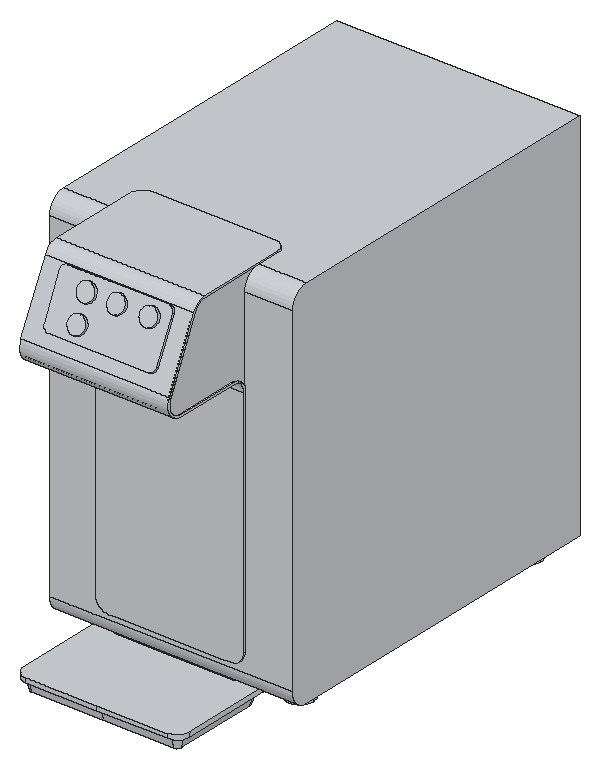
Revit family "DSBSH130UVPC", category Plumbing Fixtures, Revit 2019 (continued)
Lines and regions (in)
  model lines
    curve 425: line (-1.30412, -6.63592, 0.68045) -> (-1.24162, -6.63592, 0.68045)
    curve 426: line (-1.17912, -6.69842, 0.68045) -> (-1.17912, -7.44842, 0.68045)
    curve 427: arc (-1.24162, -6.63592, 0.68045) -> (-1.19743, -6.65423, 0.68045) -> (-1.17912, -6.69842, 0.68045) r 0.0625
    curve 428: arc (-1.30412, -6.63592, 0.68045) -> (-1.34832, -6.65423, 0.68045) -> (-1.36662, -6.69842, 0.68045) r 0.0625
    curve 429: arc (-1.36662, -7.44842, 0.68045) -> (-1.34832, -7.49261, 0.68045) -> (-1.30412, -7.51092, 0.68045) r 0.0625
    curve 430: arc (-1.24162, -7.51092, 0.68045) -> (-1.19743, -7.49261, 0.68045) -> (-1.17912, -7.44842, 0.68045) r 0.0625
    curve 431: line (-1.62234, -7.51092, 0.68045) -> (-1.55984, -7.51092, 0.68045)
    curve 432: line (-1.68484, -7.44842, 0.68045) -> (-1.68484, -6.69842, 0.68045)
    curve 433: line (-1.62234, -6.63592, 0.68045) -> (-1.55984, -6.63592, 0.68045)
    curve 434: line (-1.49734, -6.69842, 0.68045) -> (-1.49734, -7.44842, 0.68045)
    curve 435: arc (-1.55984, -6.63592, 0.68045) -> (-1.51565, -6.65423, 0.68045) -> (-1.49734, -6.69842, 0.68045) r 0.0625
    curve 436: arc (-1.62234, -6.63592, 0.68045) -> (-1.66654, -6.65423, 0.68045) -> (-1.68484, -6.69842, 0.68045) r 0.0625
    curve 437: arc (-1.68484, -7.44842, 0.68045) -> (-1.66654, -7.49261, 0.68045) -> (-1.62234, -7.51092, 0.68045) r 0.0625
    curve 438: arc (-1.55984, -7.51092, 0.68045) -> (-1.51565, -7.49261, 0.68045) -> (-1.49734, -7.44842, 0.68045) r 0.0625
    curve 439: line (0.34947, -7.51092, 0.68045) -> (0.28697, -7.51092, 0.68045)
    curve 440: line (0.41197, -7.44842, 0.68045) -> (0.41197, -6.69842, 0.68045)
    curve 441: line (0.34947, -6.63592, 0.68045) -> (0.28697, -6.63592, 0.68045)
    curve 442: line (0.22447, -6.69842, 0.68045) -> (0.22447, -7.44842, 0.68045)
    curve 443: arc (0.28697, -6.63592, 0.68045) -> (0.24277, -6.65423, 0.68045) -> (0.22447, -6.69842, 0.68045) r 0.0625
    curve 444: arc (0.34947, -6.63592, 0.68045) -> (0.39366, -6.65423, 0.68045) -> (0.41197, -6.69842, 0.68045) r 0.0625
    curve 445: arc (0.41197, -7.44842, 0.68045) -> (0.39366, -7.49261, 0.68045) -> (0.34947, -7.51092, 0.68045) r 0.0625
    curve 446: arc (0.28697, -7.51092, 0.68045) -> (0.24277, -7.49261, 0.68045) -> (0.22447, -7.44842, 0.68045) r 0.0625
    curve 447: line (0.66769, -7.51092, 0.68045) -> (0.60519, -7.51092, 0.68045)
    curve 448: line (0.73019, -7.44842, 0.68045) -> (0.73019, -6.69842, 0.68045)
    curve 449: line (0.66769, -6.63592, 0.68045) -> (0.60519, -6.63592, 0.68045)
    curve 450: line (0.54269, -6.69842, 0.68045) -> (0.54269, -7.44842, 0.68045)
    curve 451: arc (0.60519, -6.63592, 0.68045) -> (0.56099, -6.65423, 0.68045) -> (0.54269, -6.69842, 0.68045) r 0.0625
    curve 452: arc (0.66769, -6.63592, 0.68045) -> (0.71188, -6.65423, 0.68045) -> (0.73019, -6.69842, 0.68045) r 0.0625
    curve 453: arc (0.73019, -7.44842, 0.68045) -> (0.71188, -7.49261, 0.68045) -> (0.66769, -7.51092, 0.68045) r 0.0625
    curve 454: arc (0.60519, -7.51092, 0.68045) -> (0.56099, -7.49261, 0.68045) -> (0.54269, -7.44842, 0.68045) r 0.0625
    curve 455: line (0.9859, -7.51092, 0.68045) -> (0.9234, -7.51092, 0.68045)
    curve 456: line (1.0484, -7.44842, 0.68045) -> (1.0484, -6.69842, 0.68045)
    curve 457: line (0.9859, -6.63592, 0.68045) -> (0.9234, -6.63592, 0.68045)
    curve 458: line (0.8609, -6.69842, 0.68045) -> (0.8609, -7.44842, 0.68045)
    curve 459: arc (0.9234, -6.63592, 0.68045) -> (0.87921, -6.65423, 0.68045) -> (0.8609, -6.69842, 0.68045) r 0.0625
    curve 460: arc (0.9859, -6.63592, 0.68045) -> (1.0301, -6.65423, 0.68045) -> (1.0484, -6.69842, 0.68045) r 0.0625
    curve 461: arc (1.0484, -7.44842, 0.68045) -> (1.0301, -7.49261, 0.68045) -> (0.9859, -7.51092, 0.68045) r 0.0625
    curve 462: arc (0.9234, -7.51092, 0.68045) -> (0.87921, -7.49261, 0.68045) -> (0.8609, -7.44842, 0.68045) r 0.0625
    curve 463: line (1.30412, -7.51092, 0.68045) -> (1.24162, -7.51092, 0.68045)
    curve 464: line (1.36662, -7.44842, 0.68045) -> (1.36662, -6.69842, 0.68045)
    curve 465: line (1.30412, -6.63592, 0.68045) -> (1.24162, -6.63592, 0.68045)
    curve 466: line (1.17912, -6.69842, 0.68045) -> (1.17912, -7.44842, 0.68045)
    curve 467: arc (1.24162, -6.63592, 0.68045) -> (1.19743, -6.65423, 0.68045) -> (1.17912, -6.69842, 0.68045) r 0.0625
    curve 468: arc (1.30412, -6.63592, 0.68045) -> (1.34832, -6.65423, 0.68045) -> (1.36662, -6.69842, 0.68045) r 0.0625
    curve 469: arc (1.36662, -7.44842, 0.68045) -> (1.34832, -7.49261, 0.68045) -> (1.30412, -7.51092, 0.68045) r 0.0625
    curve 470: arc (1.24162, -7.51092, 0.68045) -> (1.19743, -7.49261, 0.68045) -> (1.17912, -7.44842, 0.68045) r 0.0625
    curve 471: line (1.62234, -7.51092, 0.68045) -> (1.55984, -7.51092, 0.68045)
    curve 472: line (1.68484, -7.44842, 0.68045) -> (1.68484, -6.69842, 0.68045)
    curve 473: line (1.62234, -6.63592, 0.68045) -> (1.55984, -6.63592, 0.68045)
    curve 474: line (1.49734, -6.69842, 0.68045) -> (1.49734, -7.44842, 0.68045)
    curve 475: arc (1.55984, -6.63592, 0.68045) -> (1.51565, -6.65423, 0.68045) -> (1.49734, -6.69842, 0.68045) r 0.0625
    curve 476: arc (1.62234, -6.63592, 0.68045) -> (1.66654, -6.65423, 0.68045) -> (1.68484, -6.69842, 0.68045) r 0.0625
    curve 477: arc (1.68484, -7.44842, 0.68045) -> (1.66654, -7.49261, 0.68045) -> (1.62234, -7.51092, 0.68045) r 0.0625
    curve 478: arc (1.55984, -7.51092, 0.68045) -> (1.51565, -7.49261, 0.68045) -> (1.49734, -7.44842, 0.68045) r 0.0625
    curve 479: line (-0.34947, -6.44842, 0.68045) -> (0.34947, -6.44842, 0.68045)
    curve 480: line (-0.41197, -6.38592, 0.68045) -> (-0.41197, -5.63592, 0.68045)
    curve 481: line (-0.34947, -5.57342, 0.68045) -> (0.34947, -5.57342, 0.68045)
    curve 482: arc (-0.34947, -5.57342, 0.68045) -> (-0.39366, -5.59173, 0.68045) -> (-0.41197, -5.63592, 0.68045) r 0.0625
    curve 483: arc (-0.41197, -6.38592, 0.68045) -> (-0.39366, -6.43011, 0.68045) -> (-0.34947, -6.44842, 0.68045) r 0.0625
    curve 484: line (-0.66769, -6.44842, 0.68045) -> (-0.60519, -6.44842, 0.68045)
    curve 485: line (-0.73019, -6.38592, 0.68045) -> (-0.73019, -5.63592, 0.68045)
    curve 486: line (-0.66769, -5.57342, 0.68045) -> (-0.60519, -5.57342, 0.68045)
    curve 487: line (-0.54269, -5.63592, 0.68045) -> (-0.54269, -6.38592, 0.68045)
    curve 488: arc (-0.60519, -5.57342, 0.68045) -> (-0.56099, -5.59173, 0.68045) -> (-0.54269, -5.63592, 0.68045) r 0.0625
    curve 489: arc (-0.66769, -5.57342, 0.68045) -> (-0.71188, -5.59173, 0.68045) -> (-0.73019, -5.63592, 0.68045) r 0.0625
    curve 490: arc (-0.73019, -6.38592, 0.68045) -> (-0.71188, -6.43011, 0.68045) -> (-0.66769, -6.44842, 0.68045) r 0.0625
    curve 491: arc (-0.60519, -6.44842, 0.68045) -> (-0.56099, -6.43011, 0.68045) -> (-0.54269, -6.38592, 0.68045) r 0.0625
    curve 492: line (-0.9859, -6.44842, 0.68045) -> (-0.9234, -6.44842, 0.68045)
    curve 493: line (-1.0484, -6.38592, 0.68045) -> (-1.0484, -5.63592, 0.68045)
    curve 494: line (-0.9859, -5.57342, 0.68045) -> (-0.9234, -5.57342, 0.68045)
    curve 495: line (-0.8609, -5.63592, 0.68045) -> (-0.8609, -6.38592, 0.68045)
    curve 496: arc (-0.9234, -5.57342, 0.68045) -> (-0.87921, -5.59173, 0.68045) -> (-0.8609, -5.63592, 0.68045) r 0.0625
    curve 497: arc (-0.9859, -5.57342, 0.68045) -> (-1.0301, -5.59173, 0.68045) -> (-1.0484, -5.63592, 0.68045) r 0.0625
    curve 498: arc (-1.0484, -6.38592, 0.68045) -> (-1.0301, -6.43011, 0.68045) -> (-0.9859, -6.44842, 0.68045) r 0.0625
    curve 499: arc (-0.9234, -6.44842, 0.68045) -> (-0.87921, -6.43011, 0.68045) -> (-0.8609, -6.38592, 0.68045) r 0.0625
    curve 500: line (-1.30412, -6.44842, 0.68045) -> (-1.24162, -6.44842, 0.68045)
    curve 501: line (-1.36662, -6.38592, 0.68045) -> (-1.36662, -5.63592, 0.68045)
    curve 502: line (-1.30412, -5.57342, 0.68045) -> (-1.24162, -5.57342, 0.68045)
    curve 503: line (-1.17912, -5.63592, 0.68045) -> (-1.17912, -6.38592, 0.68045)
    curve 504: arc (-1.24162, -5.57342, 0.68045) -> (-1.19743, -5.59173, 0.68045) -> (-1.17912, -5.63592, 0.68045) r 0.0625
    curve 505: arc (-1.30412, -5.57342, 0.68045) -> (-1.34832, -5.59173, 0.68045) -> (-1.36662, -5.63592, 0.68045) r 0.0625
    curve 506: arc (-1.36662, -6.38592, 0.68045) -> (-1.34832, -6.43011, 0.68045) -> (-1.30412, -6.44842, 0.68045) r 0.0625
    curve 507: arc (-1.24162, -6.44842, 0.68045) -> (-1.19743, -6.43011, 0.68045) -> (-1.17912, -6.38592, 0.68045) r 0.0625
    curve 508: line (-1.62234, -6.44842, 0.68045) -> (-1.55984, -6.44842, 0.68045)
    curve 509: line (-1.68484, -6.38592, 0.68045) -> (-1.68484, -5.63592, 0.68045)
    curve 510: line (-1.62234, -5.57342, 0.68045) -> (-1.55984, -5.57342, 0.68045)
    curve 511: line (-1.49734, -5.63592, 0.68045) -> (-1.49734, -6.38592, 0.68045)
    curve 512: arc (-1.55984, -5.57342, 0.68045) -> (-1.51565, -5.59173, 0.68045) -> (-1.49734, -5.63592, 0.68045) r 0.0625
    curve 513: arc (-1.62234, -5.57342, 0.68045) -> (-1.66654, -5.59173, 0.68045) -> (-1.68484, -5.63592, 0.68045) r 0.0625
    curve 514: arc (-1.68484, -6.38592, 0.68045) -> (-1.66654, -6.43011, 0.68045) -> (-1.62234, -6.44842, 0.68045) r 0.0625
    curve 515: arc (-1.55984, -6.44842, 0.68045) -> (-1.51565, -6.43011, 0.68045) -> (-1.49734, -6.38592, 0.68045) r 0.0625
    curve 516: line (0.41197, -6.38592, 0.68045) -> (0.41197, -5.63592, 0.68045)
    curve 517: arc (0.34947, -5.57342, 0.68045) -> (0.39366, -5.59173, 0.68045) -> (0.41197, -5.63592, 0.68045) r 0.0625
    curve 518: arc (0.41197, -6.38592, 0.68045) -> (0.39366, -6.43011, 0.68045) -> (0.34947, -6.44842, 0.68045) r 0.0625
    curve 519: line (0.66769, -6.44842, 0.68045) -> (0.60519, -6.44842, 0.68045)
    curve 520: line (0.73019, -6.38592, 0.68045) -> (0.73019, -5.63592, 0.68045)
    curve 521: line (0.66769, -5.57342, 0.68045) -> (0.60519, -5.57342, 0.68045)
    curve 522: line (0.54269, -5.63592, 0.68045) -> (0.54269, -6.38592, 0.68045)
    curve 523: arc (0.60519, -5.57342, 0.68045) -> (0.56099, -5.59173, 0.68045) -> (0.54269, -5.63592, 0.68045) r 0.0625
    curve 524: arc (0.66769, -5.57342, 0.68045) -> (0.71188, -5.59173, 0.68045) -> (0.73019, -5.63592, 0.68045) r 0.0625
    curve 525: arc (0.73019, -6.38592, 0.68045) -> (0.71188, -6.43011, 0.68045) -> (0.66769, -6.44842, 0.68045) r 0.0625
    curve 526: arc (0.60519, -6.44842, 0.68045) -> (0.56099, -6.43011, 0.68045) -> (0.54269, -6.38592, 0.68045) r 0.0625
    curve 527: line (0.9859, -6.44842, 0.68045) -> (0.9234, -6.44842, 0.68045)
    curve 528: line (1.0484, -6.38592, 0.68045) -> (1.0484, -5.63592, 0.68045)
    curve 529: line (0.9859, -5.57342, 0.68045) -> (0.9234, -5.57342, 0.68045)
    curve 530: line (0.8609, -5.63592, 0.68045) -> (0.8609, -6.38592, 0.68045)
    curve 531: arc (0.9234, -5.57342, 0.68045) -> (0.87921, -5.59173, 0.68045) -> (0.8609, -5.63592, 0.68045) r 0.0625
    curve 532: arc (0.9859, -5.57342, 0.68045) -> (1.0301, -5.59173, 0.68045) -> (1.0484, -5.63592, 0.68045) r 0.0625
    curve 533: arc (1.0484, -6.38592, 0.68045) -> (1.0301, -6.43011, 0.68045) -> (0.9859, -6.44842, 0.68045) r 0.0625
    curve 534: arc (0.9234, -6.44842, 0.68045) -> (0.87921, -6.43011, 0.68045) -> (0.8609, -6.38592, 0.68045) r 0.0625
    curve 535: line (1.30412, -6.44842, 0.68045) -> (1.24162, -6.44842, 0.68045)
    curve 536: line (1.36662, -6.38592, 0.68045) -> (1.36662, -5.63592, 0.68045)
    curve 537: line (1.30412, -5.57342, 0.68045) -> (1.24162, -5.57342, 0.68045)
    curve 538: line (1.17912, -5.63592, 0.68045) -> (1.17912, -6.38592, 0.68045)
    curve 539: arc (1.24162, -5.57342, 0.68045) -> (1.19743, -5.59173, 0.68045) -> (1.17912, -5.63592, 0.68045) r 0.0625
    curve 540: arc (1.30412, -5.57342, 0.68045) -> (1.34832, -5.59173, 0.68045) -> (1.36662, -5.63592, 0.68045) r 0.0625
    curve 541: arc (1.36662, -6.38592, 0.68045) -> (1.34832, -6.43011, 0.68045) -> (1.30412, -6.44842, 0.68045) r 0.0625
    curve 542: arc (1.24162, -6.44842, 0.68045) -> (1.19743, -6.43011, 0.68045) -> (1.17912, -6.38592, 0.68045) r 0.0625
    curve 543: line (1.62234, -6.44842, 0.68045) -> (1.55984, -6.44842, 0.68045)
    curve 544: line (1.68484, -6.38592, 0.68045) -> (1.68484, -5.63592, 0.68045)
    curve 545: line (1.62234, -5.57342, 0.68045) -> (1.55984, -5.57342, 0.68045)
    curve 546: line (1.49734, -5.63592, 0.68045) -> (1.49734, -6.38592, 0.68045)
    curve 547: arc (1.55984, -5.57342, 0.68045) -> (1.51565, -5.59173, 0.68045) -> (1.49734, -5.63592, 0.68045) r 0.0625
    curve 548: arc (1.62234, -5.57342, 0.68045) -> (1.66654, -5.59173, 0.68045) -> (1.68484, -5.63592, 0.68045) r 0.0625
    curve 549: arc (1.68484, -6.38592, 0.68045) -> (1.66654, -6.43011, 0.68045) -> (1.62234, -6.44842, 0.68045) r 0.0625
    curve 550: arc (1.55984, -6.44842, 0.68045) -> (1.51565, -6.43011, 0.68045) -> (1.49734, -6.38592, 0.68045) r 0.0625
    curve 551: line (-0.03125, -5.38592, 0.68045) -> (0.03125, -5.38592, 0.68045)
    curve 552: line (-0.09375, -5.32342, 0.68045) -> (-0.09375, -4.57342, 0.68045)
    curve 553: line (-0.03125, -4.51092, 0.68045) -> (0.03125, -4.51092, 0.68045)
    curve 554: line (0.09375, -4.57342, 0.68045) -> (0.09375, -5.32342, 0.68045)
    curve 555: arc (0.03125, -4.51092, 0.68045) -> (0.07544, -4.52923, 0.68045) -> (0.09375, -4.57342, 0.68045) r 0.0625
    curve 556: arc (-0.03125, -4.51092, 0.68045) -> (-0.07544, -4.52923, 0.68045) -> (-0.09375, -4.57342, 0.68045) r 0.0625
    curve 557: arc (-0.09375, -5.32342, 0.68045) -> (-0.07544, -5.36761, 0.68045) -> (-0.03125, -5.38592, 0.68045) r 0.0625
    curve 558: arc (0.03125, -5.38592, 0.68045) -> (0.07544, -5.36761, 0.68045) -> (0.09375, -5.32342, 0.68045) r 0.0625
    curve 559: line (-0.34947, -5.38592, 0.68045) -> (-0.28697, -5.38592, 0.68045)
    curve 560: line (-0.41197, -5.32342, 0.68045) -> (-0.41197, -4.57342, 0.68045)
    curve 561: line (-0.34947, -4.51092, 0.68045) -> (-0.28697, -4.51092, 0.68045)
    curve 562: line (-0.22447, -4.57342, 0.68045) -> (-0.22447, -5.32342, 0.68045)
    curve 563: arc (-0.28697, -4.51092, 0.68045) -> (-0.24277, -4.52923, 0.68045) -> (-0.22447, -4.57342, 0.68045) r 0.0625
    curve 564: arc (-0.34947, -4.51092, 0.68045) -> (-0.39366, -4.52923, 0.68045) -> (-0.41197, -4.57342, 0.68045) r 0.0625
    curve 565: arc (-0.41197, -5.32342, 0.68045) -> (-0.39366, -5.36761, 0.68045) -> (-0.34947, -5.38592, 0.68045) r 0.0625
    curve 566: arc (-0.28697, -5.38592, 0.68045) -> (-0.24277, -5.36761, 0.68045) -> (-0.22447, -5.32342, 0.68045) r 0.0625
    curve 567: line (-0.66769, -5.38592, 0.68045) -> (-0.60519, -5.38592, 0.68045)
    curve 568: line (-0.73019, -5.32342, 0.68045) -> (-0.73019, -4.57342, 0.68045)
    curve 569: line (-0.66769, -4.51092, 0.68045) -> (-0.60519, -4.51092, 0.68045)
    curve 570: line (-0.54269, -4.57342, 0.68045) -> (-0.54269, -5.32342, 0.68045)
    curve 571: arc (-0.60519, -4.51092, 0.68045) -> (-0.56099, -4.52923, 0.68045) -> (-0.54269, -4.57342, 0.68045) r 0.0625
    curve 572: arc (-0.66769, -4.51092, 0.68045) -> (-0.71188, -4.52923, 0.68045) -> (-0.73019, -4.57342, 0.68045) r 0.0625
    curve 573: arc (-0.73019, -5.32342, 0.68045) -> (-0.71188, -5.36761, 0.68045) -> (-0.66769, -5.38592, 0.68045) r 0.0625
    curve 574: arc (-0.60519, -5.38592, 0.68045) -> (-0.56099, -5.36761, 0.68045) -> (-0.54269, -5.32342, 0.68045) r 0.0625
    curve 575: line (-0.9859, -5.38592, 0.68045) -> (-0.9234, -5.38592, 0.68045)
    curve 576: line (-1.0484, -5.32342, 0.68045) -> (-1.0484, -4.57342, 0.68045)
    curve 577: line (-0.9859, -4.51092, 0.68045) -> (-0.9234, -4.51092, 0.68045)
    curve 578: line (-0.8609, -4.57342, 0.68045) -> (-0.8609, -5.32342, 0.68045)
    curve 579: arc (-0.9234, -4.51092, 0.68045) -> (-0.87921, -4.52923, 0.68045) -> (-0.8609, -4.57342, 0.68045) r 0.0625
    curve 580: arc (-0.9859, -4.51092, 0.68045) -> (-1.0301, -4.52923, 0.68045) -> (-1.0484, -4.57342, 0.68045) r 0.0625
    curve 581: arc (-1.0484, -5.32342, 0.68045) -> (-1.0301, -5.36761, 0.68045) -> (-0.9859, -5.38592, 0.68045) r 0.0625
    curve 582: arc (-0.9234, -5.38592, 0.68045) -> (-0.87921, -5.36761, 0.68045) -> (-0.8609, -5.32342, 0.68045) r 0.0625
    curve 583: line (-1.30412, -5.38592, 0.68045) -> (-1.24162, -5.38592, 0.68045)
    curve 584: line (-1.36662, -5.32342, 0.68045) -> (-1.36662, -4.57342, 0.68045)
    curve 585: line (-1.30412, -4.51092, 0.68045) -> (-1.24162, -4.51092, 0.68045)
    curve 586: line (-1.17912, -4.57342, 0.68045) -> (-1.17912, -5.32342, 0.68045)
    curve 587: arc (-1.24162, -4.51092, 0.68045) -> (-1.19743, -4.52923, 0.68045) -> (-1.17912, -4.57342, 0.68045) r 0.0625
    curve 588: arc (-1.30412, -4.51092, 0.68045) -> (-1.34832, -4.52923, 0.68045) -> (-1.36662, -4.57342, 0.68045) r 0.0625
    curve 589: arc (-1.36662, -5.32342, 0.68045) -> (-1.34832, -5.36761, 0.68045) -> (-1.30412, -5.38592, 0.68045) r 0.0625
    curve 590: arc (-1.24162, -5.38592, 0.68045) -> (-1.19743, -5.36761, 0.68045) -> (-1.17912, -5.32342, 0.68045) r 0.0625
    curve 591: line (-1.62234, -5.38592, 0.68045) -> (-1.55984, -5.38592, 0.68045)
    curve 592: line (-1.68484, -5.32342, 0.68045) -> (-1.68484, -4.57342, 0.68045)
    curve 593: line (-1.62234, -4.51092, 0.68045) -> (-1.55984, -4.51092, 0.68045)
    curve 594: line (-1.49734, -4.57342, 0.68045) -> (-1.49734, -5.32342, 0.68045)
    curve 595: arc (-1.55984, -4.51092, 0.68045) -> (-1.51565, -4.52923, 0.68045) -> (-1.49734, -4.57342, 0.68045) r 0.0625
    curve 596: arc (-1.62234, -4.51092, 0.68045) -> (-1.66654, -4.52923, 0.68045) -> (-1.68484, -4.57342, 0.68045) r 0.0625
    curve 597: arc (-1.68484, -5.32342, 0.68045) -> (-1.66654, -5.36761, 0.68045) -> (-1.62234, -5.38592, 0.68045) r 0.0625
    curve 598: arc (-1.55984, -5.38592, 0.68045) -> (-1.51565, -5.36761, 0.68045) -> (-1.49734, -5.32342, 0.68045) r 0.0625
    curve 599: line (0.34947, -5.38592, 0.68045) -> (0.28697, -5.38592, 0.68045)
    curve 600: line (0.41197, -5.32342, 0.68045) -> (0.41197, -4.57342, 0.68045)
    curve 601: line (0.34947, -4.51092, 0.68045) -> (0.28697, -4.51092, 0.68045)
    curve 602: line (0.22447, -4.57342, 0.68045) -> (0.22447, -5.32342, 0.68045)
    curve 603: arc (0.28697, -4.51092, 0.68045) -> (0.24277, -4.52923, 0.68045) -> (0.22447, -4.57342, 0.68045) r 0.0625
    curve 604: arc (0.34947, -4.51092, 0.68045) -> (0.39366, -4.52923, 0.68045) -> (0.41197, -4.57342, 0.68045) r 0.0625
    curve 605: arc (0.41197, -5.32342, 0.68045) -> (0.39366, -5.36761, 0.68045) -> (0.34947, -5.38592, 0.68045) r 0.0625
    curve 606: arc (0.28697, -5.38592, 0.68045) -> (0.24277, -5.36761, 0.68045) -> (0.22447, -5.32342, 0.68045) r 0.0625
    curve 607: line (0.66769, -5.38592, 0.68045) -> (0.60519, -5.38592, 0.68045)
    curve 608: line (0.73019, -5.32342, 0.68045) -> (0.73019, -4.57342, 0.68045)
    curve 609: line (0.66769, -4.51092, 0.68045) -> (0.60519, -4.51092, 0.68045)
    curve 610: line (0.54269, -4.57342, 0.68045) -> (0.54269, -5.32342, 0.68045)
    curve 611: arc (0.60519, -4.51092, 0.68045) -> (0.56099, -4.52923, 0.68045) -> (0.54269, -4.57342, 0.68045) r 0.0625
    curve 612: arc (0.66769, -4.51092, 0.68045) -> (0.71188, -4.52923, 0.68045) -> (0.73019, -4.57342, 0.68045) r 0.0625
    curve 613: arc (0.73019, -5.32342, 0.68045) -> (0.71188, -5.36761, 0.68045) -> (0.66769, -5.38592, 0.68045) r 0.0625
    curve 614: arc (0.60519, -5.38592, 0.68045) -> (0.56099, -5.36761, 0.68045) -> (0.54269, -5.32342, 0.68045) r 0.0625
    curve 615: line (0.9859, -5.38592, 0.68045) -> (0.9234, -5.38592, 0.68045)
    curve 616: line (1.0484, -5.32342, 0.68045) -> (1.0484, -4.57342, 0.68045)
    curve 617: line (0.9859, -4.51092, 0.68045) -> (0.9234, -4.51092, 0.68045)
    curve 618: line (0.8609, -4.57342, 0.68045) -> (0.8609, -5.32342, 0.68045)
    curve 619: arc (0.9234, -4.51092, 0.68045) -> (0.87921, -4.52923, 0.68045) -> (0.8609, -4.57342, 0.68045) r 0.0625
    curve 620: arc (0.9859, -4.51092, 0.68045) -> (1.0301, -4.52923, 0.68045) -> (1.0484, -4.57342, 0.68045) r 0.0625
    curve 621: arc (1.0484, -5.32342, 0.68045) -> (1.0301, -5.36761, 0.68045) -> (0.9859, -5.38592, 0.68045) r 0.0625
    curve 622: arc (0.9234, -5.38592, 0.68045) -> (0.87921, -5.36761, 0.68045) -> (0.8609, -5.32342, 0.68045) r 0.0625
    curve 623: line (1.30412, -5.38592, 0.68045) -> (1.24162, -5.38592, 0.68045)
    curve 624: line (1.36662, -5.32342, 0.68045) -> (1.36662, -4.57342, 0.68045)
    curve 625: line (1.30412, -4.51092, 0.68045) -> (1.24162, -4.51092, 0.68045)
    curve 626: line (1.17912, -4.57342, 0.68045) -> (1.17912, -5.32342, 0.68045)
    curve 627: arc (1.24162, -4.51092, 0.68045) -> (1.19743, -4.52923, 0.68045) -> (1.17912, -4.57342, 0.68045) r 0.0625
    curve 628: arc (1.30412, -4.51092, 0.68045) -> (1.34832, -4.52923, 0.68045) -> (1.36662, -4.57342, 0.68045) r 0.0625
    curve 629: arc (1.36662, -5.32342, 0.68045) -> (1.34832, -5.36761, 0.68045) -> (1.30412, -5.38592, 0.68045) r 0.0625
    curve 630: arc (1.24162, -5.38592, 0.68045) -> (1.19743, -5.36761, 0.68045) -> (1.17912, -5.32342, 0.68045) r 0.0625
    curve 631: line (1.62234, -5.38592, 0.68045) -> (1.55984, -5.38592, 0.68045)
    curve 632: line (1.68484, -5.32342, 0.68045) -> (1.68484, -4.57342, 0.68045)
    curve 633: line (1.62234, -4.51092, 0.68045) -> (1.55984, -4.51092, 0.68045)
    curve 634: line (1.49734, -4.57342, 0.68045) -> (1.49734, -5.32342, 0.68045)
    curve 635: arc (1.55984, -4.51092, 0.68045) -> (1.51565, -4.52923, 0.68045) -> (1.49734, -4.57342, 0.68045) r 0.0625
    curve 636: arc (1.62234, -4.51092, 0.68045) -> (1.66654, -4.52923, 0.68045) -> (1.68484, -4.57342, 0.68045) r 0.0625
    curve 637: arc (1.68484, -5.32342, 0.68045) -> (1.66654, -5.36761, 0.68045) -> (1.62234, -5.38592, 0.68045) r 0.0625
    curve 638: arc (1.55984, -5.38592, 0.68045) -> (1.51565, -5.36761, 0.68045) -> (1.49734, -5.32342, 0.68045) r 0.0625
    curve 639: line (-2.75, -3.32342, 0.68045) -> (-3.375, -3.32342, 0.68045)
    curve 640: arc (-3.375, -3.32342, 0.68045) -> (-3.41919, -3.34173, 0.68045) -> (-3.4375, -3.38592, 0.68045) r 0.0625
    curve 641: line (-3.4375, -3.38592, 0.68045) -> (-3.4375, -7.26092, 0.68045)
    curve 642: arc (-2.6875, -3.38592, 0.68045) -> (-2.70581, -3.34173, 0.68045) -> (-2.75, -3.32342, 0.68045) r 0.0625
    curve 643: arc (-2.5, -3.69842, 0.68045) -> (-2.63258, -3.6435, 0.68045) -> (-2.6875, -3.51092, 0.68045) r 0.1875
    curve 644: line (-2.6875, -3.51092, 0.68045) -> (-2.6875, -3.38592, 0.68045)
    curve 645: line (0, -3.69842, 0.68045) -> (-2.5, -3.69842, 0.68045)
    curve 646: line (2.5, -3.69842, 0.68045) -> (0, -3.69842, 0.68045)
    curve 647: arc (-3.4375, -7.26092, 0.68045) -> (-3.30936, -7.57028, 0.68045) -> (-3, -7.69842, 0.68045) r 0.4375
    curve 648: line (-3, -7.69842, 0.68045) -> (0, -7.69842, 0.68045)
    curve 649: line (0, -7.69842, 0.68045) -> (3, -7.69842, 0.68045)
    curve 650: arc (3, -7.69842, 0.68045) -> (3.30936, -7.57028, 0.68045) -> (3.4375, -7.26092, 0.68045) r 0.4375
    curve 651: line (3.4375, -7.26092, 0.68045) -> (3.4375, -3.38592, 0.68045)
    curve 652: arc (3.4375, -3.38592, 0.68045) -> (3.41919, -3.34173, 0.68045) -> (3.375, -3.32342, 0.68045) r 0.0625
    curve 653: line (3.375, -3.32342, 0.68045) -> (2.75, -3.32342, 0.68045)
    curve 654: arc (2.75, -3.32342, 0.68045) -> (2.70581, -3.34173, 0.68045) -> (2.6875, -3.38592, 0.68045) r 0.0625
    curve 655: line (2.6875, -3.38592, 0.68045) -> (2.6875, -3.51092, 0.68045)
    curve 656: arc (2.6875, -3.51092, 0.68045) -> (2.63258, -3.6435, 0.68045) -> (2.5, -3.69842, 0.68045) r 0.1875
Connectors (in)
  piping at (-0.32458, 11.26574, 4.61683), diameter 0.25
    settings: on Extrusion 2, index 1, connector inside diameter 1/4", connector length 0' - 0", flow factor 0, pipe flow 0 GPM, pressure drop 0.00 psi, fitting loss kfactor 0, connector angle 0.00°, fixture units 0, engagement length 0' - 0", angle of deflection 0.00°, flow configuration 0, flow direction 0, fitting loss method 0, system type 19, joint type 0, gender type 0, connector reference index -1, connector utility 0, adjustable connector no, is connector primary yes, connector description ""
  electrical at (2.74598, 11.26574, 2.95637)
    settings: on Extrusion 2, index 2, voltage 0 V, apparent load 0 VA, apparent load phase1 0 VA, apparent load phase2 0 VA, apparent load phase3 0 VA, power factor 1, load classification "Other", number of poles 1, system type 14, power factor state 1, is connector primary yes, connector utility no, sub classification motor no, connector description ""
